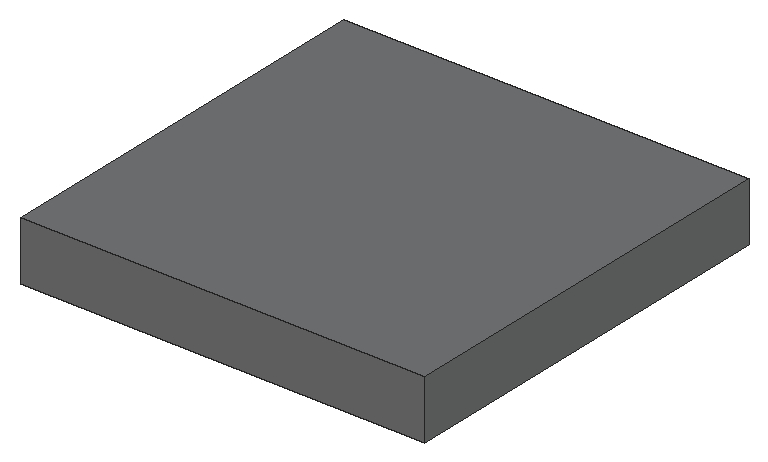
Revit family "Gira_536327", category Electrical Fixtures, host Face, Revit 2017
Family settings
  Host = Face
  Maintain Annotation Orientation = No
  Round Connector Dimension = Use Diameter
  Part Type = Normal
  Cut with Voids When Loaded = No
  Shared = No
  Room Calculation Point = No
Parameters (values of type "S3000 op.top Memory System 55 p.white m")
  With LED indication = "No"
  URL = "http://katalog.gira.de/en/datenblatt.html?artikelnr=536327"
  Transparent = "No"
  Suitable for application with venetian shutter switch = "Yes"
  Suitable for application with switch = "No"
  Suitable for application with dimmer = "No"
  Number of actuation points = "4"
  Name = "S3000 op.top Memory System 55 p.white m"
  Manufacturer URL = "https://www.gira.de/"
  Manufacturer = "Gira"
  Keynote = ""
  HeinzeBIM = "https://bimportal.heinze.de/bim/s3000-op-top-memory-system-55-p-white-m/9a8e322e7475112b0681f63372aa990bbaadea7e"
  HAN = "536327"
  GTIN = "4010337027379"
  Description = "S3000 op.top Memory Sys55 PWm,System 3000 operating top unit Memory,,pure white matt,Features:,- Save a time for raising and lowering blinds or a switch-on and switch-off time. In memory mode, these switching times are repeated every 24 hours.,- The blocking function blocks operation of the auxiliary unit and deactivates memory mode.,- Adjustbable night mode. Status LED and function LED are not lit up continuously."
  Default Elevation = 1219.2 mm
  Data sheet (1) = "https://katalog.gira.de/en/download.html?artikelnr=536327"
  Category = "Intelligent control element"
  BIM (1) = "https://media.stage.bim.site/public/gira/36a6b08/Sys55_Abdeckung_Schalten und Tasten.rfa?public/gira/36a6b08/Sys55_Abdeckung_Schalten und Tasten.rfa"
  Available = "No"
  Application = "Control of electrical users"
  Anthrazit [instance] = Anthrazit
Reference planes
  plane 1 "Center (Front/Back)": y = 0
  plane 2: z = 0
  plane 3 "Center (Left/Right)": x = 0
Forms (mm)
  Extrusion 1, solid, material "Anthrazit" <- "Anthrazit", detail levels fine
    sketch origin (0, 0, 0) x (1, 0, 0) y (0, 1, 0)
      loop
        line (-27.5, 27.5) -> (-27.5, -27.5) -> (27.5, -27.5) -> (27.5, 27.5) -> (-27.5, 27.5)
    from 0 to 8
  Extrusion 2, void
    sketch origin (0, 0, 0) x (1, 0, 0) y (0, 1, 0)
      loop
        line (26, 26) -> (-26, 26) -> (-26, -26) -> (26, -26) -> (26, 26)
    from 0 to 6
  Extrusion 3, solid, material "Anthrazit" <- "Anthrazit", detail levels medium
    sketch origin (0, 0, 0) x (1, 0, 0) y (0, 1, 0)
      loop
        line (-27.5, 27.5) -> (-27.5, -27.5) -> (27.5, -27.5) -> (27.5, 27.5) -> (-27.5, 27.5)
    from 0 to 8
  Extrusion 4, solid, material "Anthrazit" <- "Anthrazit", detail levels medium
    sketch origin (0, 0, 0) x (1, 0, 0) y (0, 1, 0)
      loop
        line (11, -17.5) -> (11, 17.5) -> (-11, 17.5) -> (-11, -17.5) -> (11, -17.5)
    from -6 to 6
  Extrusion 5, solid, material "Anthrazit" <- "Anthrazit", detail levels fine
    sketch origin (0, 0, 0) x (1, 0, 0) y (0, 1, 0)
      loop
        line (11, 17.5) -> (-11, 17.5) -> (-11, 16.5) -> (11, 16.5) -> (11, 17.5)
      loop
        line (-11, -16.5) -> (-11, -17.5) -> (11, -17.5) -> (11, -16.5) -> (-11, -16.5)
    from -4 to 6
  Extrusion 6, solid, material "Anthrazit" <- "Anthrazit", detail levels fine
    sketch origin (0, 0, 0) x (1, 0, 0) y (0, 1, 0)
      loop
        arc (5, 9.347) -> (0, 10.6) -> (-5, 9.347) r 10.6
        line (-5, 9.347) -> (-5, -9.347)
        arc (-5, -9.347) -> (0, -10.6) -> (5, -9.347) r 10.6
        line (5, -9.347) -> (5, 9.347)
    from -6 to 6
  Extrusion 7, solid, material "Anthrazit" <- "Anthrazit", detail levels coarse
    sketch origin (0, 0, 0) x (1, 0, 0) y (0, 1, 0)
      loop
        line (-27.5, 27.5) -> (-27.5, -27.5) -> (27.5, -27.5) -> (27.5, 27.5) -> (-27.5, 27.5)
    from -6 to 8
Cuts and joins
  Extrusion 2 cuts Extrusion 1
Dimensions and locks
  aligned and locked: plane 2 to host face
  aligned and locked: level to host face
